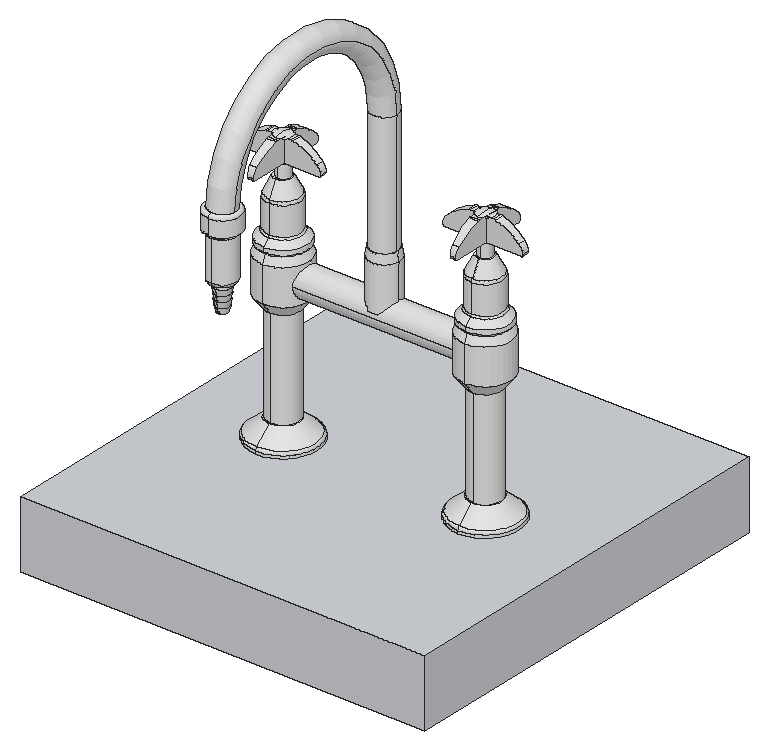
Revit family
Parameters (values of type "TL19SJ16C")
  WELSRating_ANZRS = "5 star"
  URL = "www.galvinengineering.com.au"
  Type Comments = "TL19"
  TubeNozzleVisibility = yes
  StyleOrType_ANZRS = "Plumbing Fixture"
  Seating = "Jumper Valve"
  PlumbingMaterial_ANZRS = Metal_Taps_DR-Brass-with-Chrome-Finish_10800
  Outlet = "XT Tube Nozzle with Integral Mini Dual Check Valve"
  ModifiedIssue_ANZRS = 20120305.01  # constant formula
  Model = "TL19SJ16C"
  Manufacturer = "Galvin Engineering"
  Keynote = "15400"
  Instructions = "http://www.galvinengineering.com.au/Installation_Guides_1.aspx"
  Inlet = "15mm Male"
  FlowRate = 0.10 L/s
  FilterObject_ANZRS = "TL19"
  Description = "Lab Hot & Cold Mixing Unit Type 19 Swivel Outlet"
  Default Elevation = 900 mm
  CreatedBy_ANZRS = "Galvin Engineering"
  CreatedByURL_ANZRS = "www.galvinengineering.com.au"
  CreatedByPhoneNo_ANZRS = "61-8-92495900"
  Circulation_ANZRS = yes
  Assembly Code = "D2010"
  AeratorVisibility = not(TubeNozzleVisibility)  # no
Types (3, lengths in mm): name | TubeNozzleVisibility | Outlet | Model | AeratorVisibility
  (no name) | yes | "XT Tube Nozzle with Integral Mini Dual Check Valve" | "TL19SJ16C" | no
  TL19SJ1C | no | "#1 Aerator" | "TL19SJ1C" | yes
  TL19SJ16C | yes | "XT Tube Nozzle with Integral Mini Dual Check Valve" | "TL19SJ16C" | no
Reference planes
  plane 1 "Center (Front/Back)": y = 0
  plane 2 "Face": z = 0
  plane 3 "Center (Left/Right)": x = 0
  plane 4 "Left": x = -75
  plane 5 "Right": x = 75
  plane 6 "ConnectorHostRight": z = 0
Forms (mm)
  Extrusion 1, solid
    sketch origin (0, -719.2, 0) x (1, 0, 0) y (0, 1, 0)
      loop
        line (-150, 869.2) -> (-150, 569.2) -> (150, 569.2) -> (150, 869.2) -> (-150, 869.2)
    from 0 to -50
  Revolve 2, solid, material "Metal_Taps_DR-Brass-with-Chrome-Finish_10800" <- "PlumbingMaterial_ANZRS"
    sketch origin (75, 0, 0) x (0, 1, 0) y (0, 0, 1)
      loop
        arc (0, 203.4) -> (-3.351, 203.107) -> (-6.6, 202.236) r 19.294
        line (-6.6, 202.236) -> (-1.168, 202.236) -> (-1.168, 183.836) -> (-4.73, 183.836) -> (-4.73, 174.4) -> (-6.5, 174.4) -> (-12.139, 163.485)
        arc (-12.139, 163.485) -> (-12.558, 162.365) -> (-12.7, 161.179) r 5.024
        line (-12.7, 161.179) -> (-12.7, 140.436)
        arc (-12.7, 140.436) -> (-12.89, 139.479) -> (-13.432, 138.668) r 2.5
        line (-13.432, 138.668) -> (-17.859, 134.15) -> (-17.859, 130.65)
        arc (-17.859, 130.65) -> (-17.114, 129.957) -> (-16.193, 129.521) r 3.334
        line (-16.193, 129.521) -> (-19.05, 123.4) -> (-19.05, 97) -> (-12.1, 88) -> (-11.112, 88) -> (-11.112, 14.3) -> (-12.2, 14.3) -> (-24.082, 4.295)
        arc (-24.082, 4.295) -> (-24.87, 3.266) -> (-25.15, 2) r 3
        line (-25.15, 2) -> (-25.15, 0) -> (0, 0) -> (0, 203.4)
      axis (0, 0) -> (0, 203.4)
    angle from 0 to 360
  Revolve 3, solid, material "Metal_Taps_DR-Brass-with-Chrome-Finish_10800" <- "PlumbingMaterial_ANZRS"
    sketch origin (75, 0, 0) x (0, 1, 0) y (0, 0, 1)
      loop
        arc (-29.903, 185.506) -> (-29.493, 184.386) -> (-28.398, 183.915) r 1.507
        line (-28.398, 183.915) -> (27.868, 183.915)
        arc (27.868, 183.915) -> (28.948, 184.37) -> (29.375, 185.462) r 1.507
        arc (29.375, 185.462) -> (28.723, 188.932) -> (26.793, 191.888) r 9.043
        arc (26.793, 191.888) -> (18.986, 198.09) -> (9.893, 202.18) r 40.19
        arc (9.893, 202.18) -> (9.163, 202.346) -> (8.417, 202.402) r 5.024
        line (8.417, 202.402) -> (-9.083, 202.402)
        arc (-9.083, 202.402) -> (-9.828, 202.347) -> (-10.556, 202.181) r 5.024
        arc (-10.556, 202.181) -> (-19.539, 198.165) -> (-27.277, 192.086) r 40.19
        arc (-27.277, 192.086) -> (-29.261, 189.064) -> (-29.903, 185.506) r 9.043
      axis (29.375, 160.152) -> (-29.903, 160.152)
    angle from -4.66 to 4.66
  Revolve 4, solid, material "Metal_Taps_DR-Brass-with-Chrome-Finish_10800" <- "PlumbingMaterial_ANZRS"
    sketch origin (0, 0, 0) x (1, 0, 0) y (0, 0, 1)
      loop
        arc (104.639, 185.506) -> (103.997, 189.064) -> (102.013, 192.086) r 9.043
        arc (102.013, 192.086) -> (94.275, 198.165) -> (85.292, 202.181) r 40.19
        arc (85.292, 202.181) -> (84.563, 202.347) -> (83.818, 202.402) r 5.024
        line (83.818, 202.402) -> (66.319, 202.402)
        arc (66.319, 202.402) -> (65.573, 202.346) -> (64.843, 202.18) r 5.024
        arc (64.843, 202.18) -> (55.75, 198.09) -> (47.943, 191.888) r 40.19
        arc (47.943, 191.888) -> (46.013, 188.932) -> (45.361, 185.462) r 9.043
        arc (45.361, 185.462) -> (45.788, 184.37) -> (46.868, 183.915) r 1.507
        line (46.868, 183.915) -> (103.134, 183.915)
        arc (103.134, 183.915) -> (104.229, 184.386) -> (104.639, 185.506) r 1.507
      axis (45.361, 160.152) -> (104.639, 160.152)
    angle from -4.66 to 4.66
  Revolve 5, solid, material "Metal_Taps_DR-Brass-with-Chrome-Finish_10800" <- "PlumbingMaterial_ANZRS", visible <- "AeratorVisibility"
    sketch origin (0, 0, 0) x (0, 1, 0) y (0, 0, 1)
      loop
        line (-149.993, 245) -> (-138.993, 245)
        arc (-138.993, 245) -> (-138.511, 246.719) -> (-138.393, 248.5) r 8.634
        line (-138.393, 248.5) -> (-138.393, 261.901) -> (-137.293, 261.901) -> (-137.293, 264.001)
        arc (-137.293, 264.001) -> (-138.026, 265.769) -> (-139.793, 266.501) r 2.5
        line (-139.793, 266.501) -> (-149.993, 266.501) -> (-149.993, 245)
      axis (-149.993, 266.501) -> (-149.993, 245)
    angle from 0 to 360
  Extrusion 6, solid, material "Metal_Taps_DR-Brass-with-Chrome-Finish_10800" <- "PlumbingMaterial_ANZRS"
    sketch origin (0, 0, 0) x (0, 1, 0) y (0, 0, 1)
      loop
        circle (0, 110.3) r 11.11
    from -75 to 75
  Revolve 7, solid, material "Metal_Taps_DR-Brass-with-Chrome-Finish_10800" <- "PlumbingMaterial_ANZRS"
    sketch origin (-75, 0, 0) x (0, 1, 0) y (0, 0, 1)
      loop
        arc (0, 203.4) -> (-3.351, 203.107) -> (-6.6, 202.236) r 19.294
        line (-6.6, 202.236) -> (-1.168, 202.236) -> (-1.168, 183.836) -> (-4.73, 183.836) -> (-4.73, 174.4) -> (-6.5, 174.4) -> (-12.139, 163.485)
        arc (-12.139, 163.485) -> (-12.558, 162.365) -> (-12.7, 161.179) r 5.024
        line (-12.7, 161.179) -> (-12.7, 140.436)
        arc (-12.7, 140.436) -> (-12.89, 139.479) -> (-13.432, 138.668) r 2.5
        line (-13.432, 138.668) -> (-17.859, 134.15) -> (-17.859, 130.65)
        arc (-17.859, 130.65) -> (-17.114, 129.957) -> (-16.193, 129.521) r 3.334
        line (-16.193, 129.521) -> (-19.05, 123.4) -> (-19.05, 97) -> (-12.1, 88) -> (-11.112, 88) -> (-11.112, 14.3) -> (-12.2, 14.3) -> (-24.082, 4.295)
        arc (-24.082, 4.295) -> (-24.87, 3.266) -> (-25.15, 2) r 3
        line (-25.15, 2) -> (-25.15, 0) -> (0, 0) -> (0, 203.4)
      axis (0, 0) -> (0, 203.4)
    angle from 0 to 360
  Revolve 8, solid, material "Metal_Taps_DR-Brass-with-Chrome-Finish_10800" <- "PlumbingMaterial_ANZRS"
    sketch origin (-75, 0, 0) x (0, 1, 0) y (0, 0, 1)
      loop
        arc (-29.903, 185.506) -> (-29.493, 184.386) -> (-28.398, 183.915) r 1.507
        line (-28.398, 183.915) -> (27.868, 183.915)
        arc (27.868, 183.915) -> (28.948, 184.37) -> (29.375, 185.462) r 1.507
        arc (29.375, 185.462) -> (28.723, 188.932) -> (26.793, 191.888) r 9.043
        arc (26.793, 191.888) -> (18.986, 198.09) -> (9.893, 202.18) r 40.19
        arc (9.893, 202.18) -> (9.163, 202.346) -> (8.417, 202.402) r 5.024
        line (8.417, 202.402) -> (-9.083, 202.402)
        arc (-9.083, 202.402) -> (-9.828, 202.347) -> (-10.556, 202.181) r 5.024
        arc (-10.556, 202.181) -> (-19.539, 198.165) -> (-27.277, 192.086) r 40.19
        arc (-27.277, 192.086) -> (-29.261, 189.064) -> (-29.903, 185.506) r 9.043
      axis (29.375, 160.152) -> (-29.903, 160.152)
    angle from -4.66 to 4.66
  Revolve 9, solid, material "Metal_Taps_DR-Brass-with-Chrome-Finish_10800" <- "PlumbingMaterial_ANZRS"
    sketch origin (0, 0, 0) x (1, 0, 0) y (0, 0, 1)
      loop
        arc (-104.639, 185.506) -> (-104.229, 184.386) -> (-103.134, 183.915) r 1.507
        line (-103.134, 183.915) -> (-46.868, 183.915)
        arc (-46.868, 183.915) -> (-45.788, 184.37) -> (-45.361, 185.462) r 1.507
        arc (-45.361, 185.462) -> (-46.013, 188.932) -> (-47.943, 191.888) r 9.043
        arc (-47.943, 191.888) -> (-55.75, 198.09) -> (-64.843, 202.18) r 40.19
        arc (-64.843, 202.18) -> (-65.573, 202.346) -> (-66.319, 202.402) r 5.024
        line (-66.319, 202.402) -> (-83.818, 202.402)
        arc (-83.818, 202.402) -> (-84.563, 202.347) -> (-85.292, 202.181) r 5.024
        arc (-85.292, 202.181) -> (-94.275, 198.165) -> (-102.013, 192.086) r 40.19
        arc (-102.013, 192.086) -> (-103.997, 189.064) -> (-104.639, 185.506) r 9.043
      axis (-45.361, 160.152) -> (-104.639, 160.152)
    angle from -4.66 to 4.66
  Sweep 10, solid, material "Metal_Taps_DR-Brass-with-Chrome-Finish_10800" <- "PlumbingMaterial_ANZRS", visible <- "AeratorVisibility"
    path origin (0, 0, 0) x (0, 1, 0) y (0, 0, 1)
      loop
        arc (-149.993, 265.476) -> (-74.99, 340.479) -> (0.013, 265.476) r 75.003
        line (0.013, 265.476) -> (0.013, 153.83)
    profile origin (0, 0.013, 209.653) x (1, 0, 0) y (0, 1, 0)
      loop
        circle (0, 0) r 9.55
  Revolve 11, solid, material "Metal_Taps_DR-Brass-with-Chrome-Finish_10800" <- "PlumbingMaterial_ANZRS"
    sketch origin (0, 0, 0) x (1, 0, 0) y (0, 0, 1)
      loop
        line (-0.013, 153.83) -> (-10.313, 153.83) -> (-11.126, 147.228) -> (-11.126, 113.894) -> (-0.013, 113.894) -> (-0.013, 153.83)
      axis (-0.013, 153.83) -> (-0.013, 113.894)
    angle from 0 to 360
  Sweep 12, solid, material "Metal_Taps_DR-Brass-with-Chrome-Finish_10800" <- "PlumbingMaterial_ANZRS", visible <- "TubeNozzleVisibility"
    path origin (0, 0, 0) x (0, 1, 0) y (0, 0, 1)
      loop
        arc (-150.12, 244.307) -> (-75.054, 319.373) -> (0.013, 244.307) r 75.066
        line (0.013, 244.307) -> (0.013, 153.83)
    profile origin (0, 0.013, 199.068) x (1, 0, 0) y (0, 1, 0)
      loop
        circle (0, 0) r 9.55
  Revolve 13, solid, material "Metal_Taps_DR-Brass-with-Chrome-Finish_10800" <- "PlumbingMaterial_ANZRS", visible <- "TubeNozzleVisibility"
    sketch origin (0, 0, 0) x (0, 1, 0) y (0, 0, 1)
      loop
        line (-162.879, 231.832) -> (-162.054, 231.832) -> (-160.388, 230.106)
        arc (-160.388, 230.106) -> (-160.076, 229.626) -> (-159.967, 229.064) r 1.5
        line (-159.967, 229.064) -> (-159.967, 198.732)
        arc (-159.967, 198.732) -> (-159.381, 197.317) -> (-157.967, 196.732) r 2
        line (-157.967, 196.732) -> (-155.669, 196.732) -> (-155.669, 193.232) -> (-156.469, 193.232) -> (-155.173, 188.932) -> (-155.969, 188.932) -> (-154.719, 184.632) -> (-155.519, 184.632) -> (-154.188, 180.332) -> (-154.969, 180.332) -> (-153.849, 176.477)
        arc (-153.849, 176.477) -> (-153.626, 176.155) -> (-153.255, 176.032) r 0.618
        line (-153.255, 176.032) -> (-150.12, 176.032) -> (-150.12, 245.875) -> (-160.367, 245.875)
        arc (-160.367, 245.875) -> (-162.143, 245.14) -> (-162.879, 243.363) r 2.512
        line (-162.879, 243.363) -> (-162.879, 231.832)
      axis (-150.12, 176.032) -> (-150.12, 245.875)
    angle from 0 to 360
Cuts and joins
  joined: Revolve 2, Extrusion 6, Revolve 7, Revolve 11
Lines and regions (mm)
  symbolic lines, style "Taps/Mixers"
    curve 1: line (-62.074, -11.1, 0) -> (-9.5, -11.1, 0)
    curve 2: line (-9.5, 1.6, 0) -> (-9.5, -149.835, 0)
    curve 3: line (9.5, -149.835, 0) -> (9.5, 1.6, 0)
    curve 4: arc (-9.5, 1.6, 0) -> (0, 11.1, 0) -> (9.5, 1.6, 0) r 9.5
    curve 5: line (62.074, 11.1, 0) -> (-62.074, 11.1, 0)
    curve 6: arc (-9.5, -6.915, 0) -> (0, 11.75, 0) -> (9.5, -6.915, 0) r 11.75
    curve 7: arc (-100.161, -2.369, 0) -> (-92.87, -17.87, 0) -> (-77.369, -25.161, 0) r 25.272
    curve 8: circle (-75, 0, 0) r 6.6 normal (0, 0, 1)
    curve 9: line (-104.639, 2.056, 0) -> (-80.432, 3.749, 0)
    curve 10: line (-104.639, -2.056, 0) -> (-80.432, -3.749, 0)
    curve 11: line (-104.639, -2.056, 0) -> (-104.639, 2.056, 0)
    curve 12: line (-45.361, 2.056, 0) -> (-69.568, 3.749, 0)
    curve 13: line (-45.361, -2.056, 0) -> (-69.568, -3.749, 0)
    curve 14: line (-45.361, -2.056, 0) -> (-45.361, 2.056, 0)
    curve 15: line (-77.056, -29.639, 0) -> (-78.749, -5.432, 0)
    curve 16: line (-72.944, -29.639, 0) -> (-71.251, -5.432, 0)
    curve 17: line (-72.944, -29.639, 0) -> (-77.056, -29.639, 0)
    curve 18: line (-77.056, 29.639, 0) -> (-78.749, 5.432, 0)
    curve 19: line (-72.944, 29.639, 0) -> (-71.251, 5.432, 0)
    curve 20: line (-72.944, 29.639, 0) -> (-77.056, 29.639, 0)
    curve 21: arc (-91.779, -2.955, 0) -> (-87.047, -12.047, 0) -> (-77.955, -16.779, 0) r 17.038
    curve 22: arc (-72.045, -16.779, 0) -> (-62.953, -12.047, 0) -> (-58.221, -2.955, 0) r 17.038
    curve 23: arc (-58.221, 2.955, 0) -> (-62.953, 12.047, 0) -> (-72.045, 16.779, 0) r 17.038
    curve 24: arc (-77.955, 16.779, 0) -> (-87.047, 12.047, 0) -> (-91.779, 2.955, 0) r 17.038
    curve 25: arc (-77.369, 25.161, 0) -> (-92.87, 17.87, 0) -> (-100.161, 2.369, 0) r 25.272
    curve 26: arc (-72.631, -25.161, 0) -> (-60.627, -20.787, 0) -> (-52.296, -11.1, 0) r 25.272
    curve 27: arc (-52.296, 11.1, 0) -> (-60.627, 20.787, 0) -> (-72.631, 25.161, 0) r 25.272
    curve 28: arc (-9.5, -149.835, 0) -> (0, -159.335, 0) -> (9.5, -149.835, 0) r 9.5
    curve 29: arc (9.5, -141.565, 0) -> (0, -162.693, 0) -> (-9.5, -141.565, 0) r 12.7
    curve 30: arc (100.161, -2.369, 0) -> (92.87, -17.87, 0) -> (77.369, -25.161, 0) r 25.272
    curve 31: circle (75, 0, 0) r 6.6 normal (0, 0, -1)
    curve 32: line (104.639, 2.056, 0) -> (80.432, 3.749, 0)
    curve 33: line (104.639, -2.056, 0) -> (80.432, -3.749, 0)
    curve 34: line (104.639, -2.056, 0) -> (104.639, 2.056, 0)
    curve 35: line (45.361, 2.056, 0) -> (69.568, 3.749, 0)
    curve 36: line (45.361, -2.056, 0) -> (69.568, -3.749, 0)
    curve 37: line (45.361, -2.056, 0) -> (45.361, 2.056, 0)
    curve 38: line (77.056, -29.639, 0) -> (78.749, -5.432, 0)
    curve 39: line (72.944, -29.639, 0) -> (71.251, -5.432, 0)
    curve 40: line (72.944, -29.639, 0) -> (77.056, -29.639, 0)
    curve 41: line (77.056, 29.639, 0) -> (78.749, 5.432, 0)
    curve 42: line (72.944, 29.639, 0) -> (71.251, 5.432, 0)
    curve 43: line (72.944, 29.639, 0) -> (77.056, 29.639, 0)
    curve 44: arc (91.779, -2.955, 0) -> (87.047, -12.047, 0) -> (77.955, -16.779, 0) r 17.038
    curve 45: arc (72.045, -16.779, 0) -> (62.953, -12.047, 0) -> (58.221, -2.955, 0) r 17.038
    curve 46: arc (58.221, 2.955, 0) -> (62.953, 12.047, 0) -> (72.045, 16.779, 0) r 17.038
    curve 47: arc (77.955, 16.779, 0) -> (87.047, 12.047, 0) -> (91.779, 2.955, 0) r 17.038
    curve 48: arc (77.369, 25.161, 0) -> (92.87, 17.87, 0) -> (100.161, 2.369, 0) r 25.272
    curve 49: arc (72.631, -25.161, 0) -> (60.627, -20.787, 0) -> (52.296, -11.1, 0) r 25.272
    curve 50: arc (52.296, 11.1, 0) -> (60.627, 20.787, 0) -> (72.631, 25.161, 0) r 25.272
    curve 51: line (62.074, -11.1, 0) -> (9.5, -11.1, 0)
    curve 52: arc (-87.268, 0, 163.428) -> (-87.686, 0, 162.308) -> (-87.828, 0, 161.122) r 5.024
    curve 53: arc (-62.308, 0, 161.122) -> (-62.45, 0, 162.308) -> (-62.868, 0, 163.428) r 5.024
    curve 54: line (-62.868, 0, 163.428) -> (-68.537, 0, 174.4)
    curve 55: line (-68.537, 0, 174.4) -> (-81.599, 0, 174.4)
    curve 56: line (-81.599, 0, 174.4) -> (-87.268, 0, 163.428)
    curve 57: line (-87.828, 0, 139.493) -> (-87.828, 0, 161.122)
    curve 58: line (-87.828, 0, 161.122) -> (-62.308, 0, 161.122)
    curve 59: line (-62.308, 0, 161.122) -> (-62.308, 0, 139.493)
    curve 60: line (-79.82, 0, 174.4) -> (-79.82, 0, 183.836)
    curve 61: line (-70.315, 0, 174.4) -> (-70.315, 0, 183.836)
    curve 62: arc (-68.437, 0, 202.324) -> (-75.068, 0, 203.493) -> (-81.699, 0, 202.324) r 19.386
    curve 63: arc (-85.291, 0, 202.103) -> (-94.274, 0, 198.086) -> (-102.012, 0, 192.007) r 40.19
    curve 64: arc (-102.012, 0, 192.007) -> (-104.048, 0, 188.853) -> (-104.627, 0, 185.143) r 9.043
    curve 65: arc (-104.627, 0, 185.143) -> (-104.126, 0, 184.209) -> (-103.133, 0, 183.836) r 1.507
    curve 66: arc (-83.817, 0, 202.324) -> (-84.563, 0, 202.268) -> (-85.291, 0, 202.103) r 5.024
    curve 67: arc (-78.397, 0, 200.029) -> (-78.917, 0, 201.166) -> (-79.921, 0, 201.912) r 2.512
    curve 68: arc (-79.921, 0, 201.912) -> (-80.95, 0, 202.22) -> (-82.02, 0, 202.324) r 5.554
    curve 69: arc (-47.942, 0, 191.809) -> (-55.749, 0, 198.012) -> (-64.842, 0, 202.102) r 40.19
    curve 70: arc (-45.36, 0, 185.383) -> (-46.012, 0, 188.853) -> (-47.942, 0, 191.809) r 9.043
    curve 71: arc (-46.867, 0, 183.836) -> (-45.787, 0, 184.292) -> (-45.36, 0, 185.383) r 1.507
    curve 72: arc (-64.842, 0, 202.102) -> (-65.572, 0, 202.268) -> (-66.318, 0, 202.324) r 5.024
    curve 73: arc (-70.037, 0, 201.981) -> (-71.086, 0, 201.246) -> (-71.636, 0, 200.09) r 2.512
    curve 74: arc (-68.116, 0, 202.324) -> (-69.091, 0, 202.237) -> (-70.037, 0, 201.981) r 5.554
    curve 75: line (-83.817, 0, 202.324) -> (-66.318, 0, 202.324)
    curve 76: line (-103.133, 0, 183.836) -> (-46.867, 0, 183.836)
    curve 77: line (-77.077, 0, 183.836) -> (-78.397, 0, 200.029)
    curve 78: line (-73.058, 0, 183.836) -> (-71.636, 0, 200.09)
    curve 79: arc (-99.096, 0, 4.295) -> (-99.883, 0, 3.266) -> (-100.163, 0, 2) r 3
    curve 80: arc (-49.863, 0, 2) -> (-50.143, 0, 3.266) -> (-50.931, 0, 4.295) r 3
    curve 81: line (-86.126, 0, 14.3) -> (-86.126, 0, 88)
    curve 82: line (-63.901, 0, 14.3) -> (-63.901, 0, 88)
    curve 83: line (-62.813, 0, 14.3) -> (-50.931, 0, 4.295)
    curve 84: line (-49.863, 0, 2) -> (-100.163, 0, 2)
    curve 85: line (-100.163, 0, 0) -> (-100.163, 0, 2)
    curve 86: line (-87.213, 0, 14.3) -> (-62.813, 0, 14.3)
    curve 87: line (-87.213, 0, 14.3) -> (-99.096, 0, 4.295)
    curve 88: line (-49.863, 0, 2) -> (-49.863, 0, 0)
    curve 89: line (-49.863, 0, 0) -> (-100.163, 0, 0)
    curve 90: arc (-75.068, 0, 134.144) -> (-81.412, 0, 135.43) -> (-87.756, 0, 134.144) r 16.296
    curve 91: arc (-87.756, 0, 130.627) -> (-81.412, 0, 129.342) -> (-75.068, 0, 130.627) r 16.296
    curve 92: arc (-88.564, 0, 138.683) -> (-88.019, 0, 139.498) -> (-87.828, 0, 140.459) r 2.512
    curve 93: arc (-93.012, 0, 130.627) -> (-90.384, 0, 129.355) -> (-87.756, 0, 130.627) r 3.35
    curve 94: arc (-87.756, 0, 134.144) -> (-90.384, 0, 135.417) -> (-93.012, 0, 134.144) r 3.35
    curve 95: arc (-62.308, 0, 140.459) -> (-62.116, 0, 139.498) -> (-61.572, 0, 138.683) r 2.512
    curve 96: arc (-75.068, 0, 130.627) -> (-68.724, 0, 129.342) -> (-62.379, 0, 130.627) r 16.296
    curve 97: arc (-62.379, 0, 134.144) -> (-68.724, 0, 135.43) -> (-75.068, 0, 134.144) r 16.296
    curve 98: arc (-57.124, 0, 134.144) -> (-59.751, 0, 135.417) -> (-62.379, 0, 134.144) r 3.35
    curve 99: arc (-62.379, 0, 130.627) -> (-59.751, 0, 129.355) -> (-57.124, 0, 130.627) r 3.35
    curve 100: line (-90.051, 0, 135.4) -> (-59.418, 0, 135.4)
    curve 101: line (-87.756, 0, 130.627) -> (-87.756, 0, 134.144)
    curve 102: line (-93.012, 0, 130.627) -> (-93.012, 0, 134.144)
    curve 103: line (-93.012, 0, 134.144) -> (-88.564, 0, 138.683)
    curve 104: line (-90.717, 0, 129.371) -> (-59.418, 0, 129.371)
    curve 105: line (-75.068, 0, 130.627) -> (-75.068, 0, 134.144)
    curve 106: line (-57.124, 0, 130.627) -> (-57.124, 0, 134.144)
    curve 107: line (-57.124, 0, 134.144) -> (-61.572, 0, 138.683)
    curve 108: line (-62.379, 0, 130.627) -> (-62.379, 0, 134.144)
    curve 109: line (-94.063, 0, 123.4) -> (-91.233, 0, 129.464)
    curve 110: line (-58.806, 0, 129.491) -> (-55.963, 0, 123.4)
    curve 111: line (-55.963, 0, 123.4) -> (-94.063, 0, 123.4)
    curve 112: arc (-55.963, 0, 121.45) -> (-59.557, 0, 110.3) -> (-55.963, 0, 99.15) r 19.095
    curve 113: line (-55.963, 0, 123.4) -> (-55.963, 0, 121.45)
    curve 114: line (-55.963, 0, 99.15) -> (-55.963, 0, 97)
    curve 115: line (-94.063, 0, 97) -> (-55.963, 0, 97)
    curve 116: line (-55.963, 0, 97) -> (-62.913, 0, 88)
    curve 117: line (-62.913, 0, 88) -> (-87.113, 0, 88)
    curve 118: line (-87.113, 0, 88) -> (-94.063, 0, 97)
    curve 119: line (-94.063, 0, 97) -> (-94.063, 0, 123.4)
    curve 131: arc (87.268, 0, 163.428) -> (87.686, 0, 162.308) -> (87.828, 0, 161.122) r 5.024
    curve 132: arc (62.308, 0, 161.122) -> (62.45, 0, 162.308) -> (62.868, 0, 163.428) r 5.024
    curve 133: line (62.868, 0, 163.428) -> (68.537, 0, 174.4)
    curve 134: line (68.537, 0, 174.4) -> (81.599, 0, 174.4)
    curve 135: line (81.599, 0, 174.4) -> (87.268, 0, 163.428)
    curve 136: line (87.828, 0, 139.493) -> (87.828, 0, 161.122)
    curve 137: line (87.828, 0, 161.122) -> (62.308, 0, 161.122)
    curve 138: line (62.308, 0, 161.122) -> (62.308, 0, 139.493)
    curve 139: line (79.82, 0, 174.4) -> (79.82, 0, 183.836)
    curve 140: line (70.315, 0, 174.4) -> (70.315, 0, 183.836)
    curve 141: arc (68.437, 0, 202.324) -> (75.068, 0, 203.493) -> (81.699, 0, 202.324) r 19.386
    curve 142: arc (85.291, 0, 202.103) -> (94.274, 0, 198.086) -> (102.012, 0, 192.007) r 40.19
    curve 143: arc (102.012, 0, 192.007) -> (104.048, 0, 188.853) -> (104.627, 0, 185.143) r 9.043
    curve 144: arc (104.627, 0, 185.143) -> (104.126, 0, 184.209) -> (103.133, 0, 183.836) r 1.507
    curve 145: arc (83.817, 0, 202.324) -> (84.563, 0, 202.268) -> (85.291, 0, 202.103) r 5.024
    curve 146: arc (78.397, 0, 200.029) -> (78.917, 0, 201.166) -> (79.921, 0, 201.912) r 2.512
    curve 147: arc (79.921, 0, 201.912) -> (80.95, 0, 202.22) -> (82.02, 0, 202.324) r 5.554
    curve 148: arc (47.942, 0, 191.809) -> (55.749, 0, 198.012) -> (64.842, 0, 202.102) r 40.19
    curve 149: arc (45.36, 0, 185.383) -> (46.012, 0, 188.853) -> (47.942, 0, 191.809) r 9.043
    curve 150: arc (46.867, 0, 183.836) -> (45.787, 0, 184.292) -> (45.36, 0, 185.383) r 1.507
    curve 151: arc (64.842, 0, 202.102) -> (65.572, 0, 202.268) -> (66.318, 0, 202.324) r 5.024
    curve 152: arc (70.037, 0, 201.981) -> (71.086, 0, 201.246) -> (71.636, 0, 200.09) r 2.512
    curve 153: arc (68.116, 0, 202.324) -> (69.091, 0, 202.237) -> (70.037, 0, 201.981) r 5.554
    curve 154: line (83.817, 0, 202.324) -> (66.318, 0, 202.324)
    curve 155: line (103.133, 0, 183.836) -> (46.867, 0, 183.836)
    curve 156: line (77.077, 0, 183.836) -> (78.397, 0, 200.029)
    curve 157: line (73.058, 0, 183.836) -> (71.636, 0, 200.09)
    curve 158: arc (99.096, 0, 4.295) -> (99.883, 0, 3.266) -> (100.163, 0, 2) r 3
    curve 159: arc (49.863, 0, 2) -> (50.143, 0, 3.266) -> (50.931, 0, 4.295) r 3
    curve 160: line (86.126, 0, 14.3) -> (86.126, 0, 88)
    curve 161: line (63.901, 0, 14.3) -> (63.901, 0, 88)
    curve 162: line (62.813, 0, 14.3) -> (50.931, 0, 4.295)
    curve 163: line (49.863, 0, 2) -> (100.163, 0, 2)
    curve 164: line (100.163, 0, 0) -> (100.163, 0, 2)
    curve 165: line (87.213, 0, 14.3) -> (62.813, 0, 14.3)
    curve 166: line (87.213, 0, 14.3) -> (99.096, 0, 4.295)
    curve 167: line (49.863, 0, 2) -> (49.863, 0, 0)
    curve 168: line (49.863, 0, 0) -> (100.163, 0, 0)
    curve 169: arc (75.068, 0, 134.144) -> (81.412, 0, 135.43) -> (87.756, 0, 134.144) r 16.296
    curve 170: arc (87.756, 0, 130.627) -> (81.412, 0, 129.342) -> (75.068, 0, 130.627) r 16.296
    curve 171: arc (88.564, 0, 138.683) -> (88.019, 0, 139.498) -> (87.828, 0, 140.459) r 2.512
    curve 172: arc (93.012, 0, 130.627) -> (90.384, 0, 129.355) -> (87.756, 0, 130.627) r 3.35
    curve 173: arc (87.756, 0, 134.144) -> (90.384, 0, 135.417) -> (93.012, 0, 134.144) r 3.35
    curve 174: arc (62.308, 0, 140.459) -> (62.116, 0, 139.498) -> (61.572, 0, 138.683) r 2.512
    curve 175: arc (75.068, 0, 130.627) -> (68.724, 0, 129.342) -> (62.379, 0, 130.627) r 16.296
    curve 176: arc (62.379, 0, 134.144) -> (68.724, 0, 135.43) -> (75.068, 0, 134.144) r 16.296
    curve 177: arc (57.124, 0, 134.144) -> (59.751, 0, 135.417) -> (62.379, 0, 134.144) r 3.35
    curve 178: arc (62.379, 0, 130.627) -> (59.751, 0, 129.355) -> (57.124, 0, 130.627) r 3.35
    curve 179: line (90.051, 0, 135.4) -> (59.418, 0, 135.4)
    curve 180: line (87.756, 0, 130.627) -> (87.756, 0, 134.144)
    curve 181: line (93.012, 0, 130.627) -> (93.012, 0, 134.144)
    curve 182: line (93.012, 0, 134.144) -> (88.564, 0, 138.683)
    curve 183: line (90.717, 0, 129.371) -> (59.418, 0, 129.371)
    curve 184: line (75.068, 0, 130.627) -> (75.068, 0, 134.144)
    curve 185: line (57.124, 0, 130.627) -> (57.124, 0, 134.144)
    curve 186: line (57.124, 0, 134.144) -> (61.572, 0, 138.683)
    curve 187: line (62.379, 0, 130.627) -> (62.379, 0, 134.144)
    curve 188: line (94.063, 0, 123.4) -> (91.233, 0, 129.464)
    curve 189: line (58.806, 0, 129.491) -> (55.963, 0, 123.4)
    curve 190: line (55.963, 0, 123.4) -> (94.063, 0, 123.4)
    curve 191: arc (55.963, 0, 121.45) -> (59.557, 0, 110.3) -> (55.963, 0, 99.15) r 19.095
    curve 192: line (55.963, 0, 123.4) -> (55.963, 0, 121.45)
    curve 193: line (55.963, 0, 99.15) -> (55.963, 0, 97)
    curve 194: line (94.063, 0, 97) -> (55.963, 0, 97)
    curve 195: line (55.963, 0, 97) -> (62.913, 0, 88)
    curve 196: line (62.913, 0, 88) -> (87.113, 0, 88)
    curve 197: line (87.113, 0, 88) -> (94.063, 0, 97)
    curve 198: line (94.063, 0, 97) -> (94.063, 0, 123.4)
    curve 199: line (9.512, 0, 266.522) -> (9.512, 0, 320.475)
    curve 202: line (-9.538, 0, 153.83) -> (-9.538, 0, 197.493)
    curve 204: line (10.287, 0, 153.83) -> (-10.313, 0, 153.83)
    curve 205: line (-11.126, 0, 121.428) -> (-11.126, 0, 147.228)
    curve 206: line (11.099, 0, 147.228) -> (11.099, 0, 121.428)
    curve 207: line (11.099, 0, 147.228) -> (10.287, 0, 153.83)
    curve 208: line (-10.313, 0, 153.83) -> (-11.126, 0, 147.228)
    curve 209: line (55.99, 0, 99.188) -> (-55.963, 0, 99.15)
    curve 210: arc (-1.364, 0, 114.8) -> (-5.404, 0, 119.353) -> (-11.126, 0, 121.428) r 12.373
    curve 211: arc (11.099, 0, 121.428) -> (5.377, 0, 119.353) -> (1.337, 0, 114.8) r 12.373
    curve 212: line (1.337, 0, 114.8) -> (-1.364, 0, 114.8)
    curve 213: line (-55.963, 0, 121.45) -> (-10.976, 0, 121.413)
    curve 214: line (10.949, 0, 121.413) -> (55.937, 0, 121.45)
    curve 215: arc (0, -24.082, 4.295) -> (0, -24.87, 3.266) -> (0, -25.15, 2) r 3
    curve 216: arc (0, 25.15, 2) -> (0, 24.87, 3.266) -> (0, 24.082, 4.295) r 3
    curve 217: line (0, -11.112, 14.3) -> (0, -11.112, 88)
    curve 218: line (0, 11.113, 14.3) -> (0, 11.113, 88)
    curve 219: line (0, 12.2, 14.3) -> (0, -12.2, 14.3)
    curve 220: line (0, 25.15, 2) -> (0, -25.15, 2)
    curve 221: line (0, -25.15, 0) -> (0, -25.15, 2)
    curve 222: line (0, -12.2, 14.3) -> (0, -24.082, 4.295)
    curve 223: line (0, 12.2, 14.3) -> (0, 24.082, 4.295)
    curve 224: line (0, 25.15, 2) -> (0, 25.15, 0)
    curve 225: line (0, 25.15, 0) -> (0, -25.15, 0)
    curve 226: arc (0, -12.142, 163.48) -> (0, -12.559, 162.366) -> (0, -12.7, 161.185) r 5
    curve 227: arc (0, 12.7, 161.185) -> (0, 12.559, 162.366) -> (0, 12.142, 163.48) r 5
    curve 228: line (0, 12.142, 163.48) -> (0, 6.5, 174.4)
    curve 229: line (0, 6.5, 174.4) -> (0, -6.5, 174.4)
    curve 230: line (0, -6.5, 174.4) -> (0, -12.142, 163.48)
    curve 231: line (0, -12.7, 140.436) -> (0, -12.7, 161.185)
    curve 232: line (0, -12.7, 161.185) -> (0, 12.7, 161.185)
    curve 233: line (0, 12.7, 161.185) -> (0, 12.7, 140.436)
    curve 234: line (0, -4.73, 174.4) -> (0, -4.73, 183.836)
    curve 235: line (0, 4.73, 174.4) -> (0, 4.73, 183.836)
    curve 236: arc (0, 6.6, 202.236) -> (0, 0, 203.4) -> (0, -6.6, 202.236) r 19.294
    curve 237: arc (0, -10.223, 202.015) -> (0, -19.206, 197.999) -> (0, -26.944, 191.92) r 40.19
    curve 238: arc (0, -26.944, 191.92) -> (0, -28.953, 188.834) -> (0, -29.566, 185.203) r 9.043
    curve 239: arc (0, -29.566, 185.203) -> (0, -29.08, 184.229) -> (0, -28.065, 183.836) r 1.507
    curve 240: arc (0, -8.75, 202.236) -> (0, -9.495, 202.181) -> (0, -10.223, 202.015) r 5.024
    curve 241: arc (0, -3.33, 200.029) -> (0, -3.849, 201.166) -> (0, -4.853, 201.912) r 2.512
    curve 242: arc (0, -4.853, 201.912) -> (0, -5.403, 202.103) -> (0, -5.97, 202.236) r 5.554
    curve 243: arc (0, 27.126, 191.722) -> (0, 19.319, 197.924) -> (0, 10.226, 202.014) r 40.19
    curve 244: arc (0, 29.708, 185.308) -> (0, 29.054, 188.771) -> (0, 27.126, 191.722) r 9.043
    curve 245: arc (0, 28.201, 183.836) -> (0, 29.254, 184.265) -> (0, 29.708, 185.308) r 1.507
    curve 246: arc (0, 10.226, 202.014) -> (0, 9.496, 202.18) -> (0, 8.75, 202.236) r 5.024
    curve 247: arc (0, 5.031, 201.981) -> (0, 3.982, 201.246) -> (0, 3.432, 200.09) r 2.512
    curve 248: arc (0, 7.934, 202.236) -> (0, 6.465, 202.302) -> (0, 5.031, 201.981) r 5.554
    curve 249: line (0, -9.525, 202.236) -> (0, 9.525, 202.236)
    curve 250: line (0, -28.065, 183.836) -> (0, 28.201, 183.836)
    curve 251: line (0, -2.01, 183.836) -> (0, -3.33, 200.029)
    curve 252: line (0, 2.01, 183.836) -> (0, 3.432, 200.09)
    curve 253: arc (0, 0, 134.15) -> (0, -6.314, 135.43) -> (0, -12.629, 134.15) r 16.219
    curve 254: arc (0, -12.629, 130.65) -> (0, -6.314, 129.37) -> (0, 0, 130.65) r 16.219
    curve 255: arc (0, -13.432, 138.668) -> (0, -12.89, 139.479) -> (0, -12.7, 140.436) r 2.5
    curve 256: arc (0, -17.859, 130.65) -> (0, -15.244, 129.383) -> (0, -12.629, 130.65) r 3.334
    curve 257: arc (0, -12.629, 134.15) -> (0, -15.244, 135.417) -> (0, -17.859, 134.15) r 3.334
    curve 258: arc (0, 12.7, 140.436) -> (0, 12.89, 139.479) -> (0, 13.432, 138.668) r 2.5
    curve 259: arc (0, 0, 130.65) -> (0, 6.314, 129.37) -> (0, 12.629, 130.65) r 16.219
    curve 260: arc (0, 12.629, 134.15) -> (0, 6.314, 135.43) -> (0, 0, 134.15) r 16.219
    curve 261: arc (0, 17.859, 134.15) -> (0, 15.244, 135.417) -> (0, 12.629, 134.15) r 3.334
    curve 262: arc (0, 12.629, 130.65) -> (0, 15.244, 129.383) -> (0, 17.859, 130.65) r 3.334
    curve 263: line (0, -14.983, 135.4) -> (0, 15.188, 135.4)
    curve 264: line (0, -12.629, 130.65) -> (0, -12.629, 134.15)
    curve 265: line (0, -17.859, 130.65) -> (0, -17.859, 134.15)
    curve 266: line (0, -17.859, 134.15) -> (0, -13.432, 138.668)
    curve 267: line (0, -15.575, 129.4) -> (0, 16.294, 129.4)
    curve 268: line (0, 0, 130.65) -> (0, 0, 134.15)
    curve 269: line (0, 17.859, 130.65) -> (0, 17.859, 134.15)
    curve 270: line (0, 17.859, 134.15) -> (0, 13.432, 138.668)
    curve 271: line (0, 12.629, 130.65) -> (0, 12.629, 134.15)
    curve 272: line (0, -19.05, 123.4) -> (0, -16.25, 129.4)
    curve 273: line (0, -19.05, 123.4) -> (0, 19.05, 123.4)
    curve 274: line (0, 16.25, 129.4) -> (0, 19.05, 123.4)
    curve 275: line (0, -19.05, 97) -> (0, -19.05, 123.4)
    curve 276: line (0, 19.05, 97) -> (0, -19.05, 97)
    curve 277: line (0, 19.05, 123.4) -> (0, 19.05, 97)
    curve 278: line (0, -12.1, 88) -> (0, -19.05, 97)
    curve 279: line (0, 12.1, 88) -> (0, -12.1, 88)
    curve 280: line (0, 19.05, 97) -> (0, 12.1, 88)
    curve 281: line (0, -9.525, 183.836) -> (0, -9.525, 168.544)
    curve 282: line (0, 9.525, 183.836) -> (0, 9.525, 168.546)
    curve 367: line (9.512, 0, 197.384) -> (9.512, 0, 153.83)
    curve 369: line (-9.538, 0, 320.475) -> (-9.538, 0, 266.522)
  symbolic lines, style "Taps/Mixers", visible <- "AeratorVisibility"
    curve 120: arc (11.04, 0, 244.998) -> (11.524, 0, 246.725) -> (11.642, 0, 248.515) r 8.675
    curve 121: arc (-11.668, 0, 248.515) -> (-11.549, 0, 246.725) -> (-11.065, 0, 244.998) r 8.675
    curve 122: line (11.642, 0, 261.9) -> (11.642, 0, 248.515)
    curve 123: line (-11.065, 0, 244.998) -> (11.04, 0, 244.998)
    curve 124: line (-11.668, 0, 248.515) -> (-11.668, 0, 261.9)
    curve 125: arc (-10.261, 0, 266.522) -> (-12.037, 0, 265.786) -> (-12.773, 0, 264.01) r 2.512
    curve 126: arc (12.748, 0, 264.01) -> (12.012, 0, 265.786) -> (10.236, 0, 266.522) r 2.512
    curve 127: line (10.236, 0, 266.522) -> (-10.261, 0, 266.522)
    curve 128: line (12.748, 0, 264.01) -> (12.748, 0, 261.9)
    curve 129: line (-12.773, 0, 261.9) -> (-12.773, 0, 264.01)
    curve 130: line (-12.773, 0, 261.9) -> (12.748, 0, 261.9)
    curve 200: arc (9.512, 0, 340.475) -> (-0.013, 0, 350) -> (-9.538, 0, 340.475) r 9.525
    curve 201: line (-9.538, 0, 340.475) -> (-9.538, 0, 320.475)
    curve 203: line (9.512, 0, 244.998) -> (9.512, 0, 197.384)
    curve 283: line (0, -9.525, 265.476) -> (0, -9.525, 202.176)
    curve 284: line (0, 9.525, 265.476) -> (0, 9.525, 202.176)
    curve 285: arc (0, -9.525, 265.476) -> (0, -74.488, 330.949) -> (0, -140.467, 266.501) r 65.475
    curve 286: arc (0, 9.525, 265.476) -> (0, -74.488, 350) -> (0, -159.519, 266.501) r 84.525
    curve 287: line (0, -160.993, 245) -> (0, -138.993, 245)
    curve 288: arc (0, -138.993, 245) -> (0, -138.511, 246.719) -> (0, -138.393, 248.5) r 8.634
    curve 289: line (0, -138.393, 248.5) -> (0, -138.393, 261.901)
    curve 290: line (0, -137.293, 261.901) -> (0, -162.693, 261.901)
    curve 291: line (0, -161.593, 261.901) -> (0, -161.593, 248.5)
    curve 292: arc (0, -161.593, 248.5) -> (0, -161.475, 246.719) -> (0, -160.993, 245) r 8.634
    curve 293: line (0, -162.693, 261.901) -> (0, -162.693, 264.001)
    curve 294: arc (0, -160.193, 266.501) -> (0, -161.961, 265.769) -> (0, -162.693, 264.001) r 2.5
    curve 295: line (0, -139.793, 266.501) -> (0, -160.193, 266.501)
    curve 296: arc (0, -137.293, 264.001) -> (0, -138.026, 265.769) -> (0, -139.793, 266.501) r 2.5
    curve 297: line (0, -137.293, 264.001) -> (0, -137.293, 261.901)
    curve 366: line (-9.538, 0, 197.493) -> (-9.538, 0, 244.998)
    curve 370: line (9.512, 0, 320.475) -> (9.512, 0, 340.475)
  symbolic lines, style "Taps/Mixers", visible <- "TubeNozzleVisibility"
    curve 298: line (0, -162.82, 231.832) -> (0, -137.42, 231.832)
    curve 299: line (0, -162.82, 242.832) -> (0, -162.82, 231.832)
    curve 300: line (0, -160.119, 229.337) -> (0, -162.292, 231.832)
    curve 301: line (0, -160.119, 229.337) -> (0, -140.121, 229.337)
    curve 302: line (0, -160.119, 198.732) -> (0, -160.119, 229.337)
    curve 303: line (0, -140.121, 229.337) -> (0, -140.121, 198.732)
    curve 304: arc (0, -160.119, 198.732) -> (0, -159.533, 197.317) -> (0, -158.119, 196.732) r 2
    curve 305: line (0, -142.121, 196.732) -> (0, -158.119, 196.732)
    curve 306: arc (0, -142.121, 196.732) -> (0, -140.707, 197.317) -> (0, -140.121, 198.732) r 2
    curve 307: line (0, -155.919, 196.732) -> (0, -155.919, 193.232)
    curve 308: line (0, -143.619, 193.232) -> (0, -156.621, 193.232)
    curve 309: line (0, -156.621, 193.232) -> (0, -155.469, 188.932)
    curve 310: line (0, -144.119, 188.932) -> (0, -156.121, 188.932)
    curve 311: line (0, -156.121, 188.932) -> (0, -154.971, 184.632)
    curve 312: line (0, -144.569, 184.632) -> (0, -155.671, 184.632)
    curve 313: line (0, -155.671, 184.632) -> (0, -154.521, 180.332)
    curve 314: line (0, -145.119, 180.332) -> (0, -155.121, 180.332)
    curve 315: line (0, -155.121, 180.332) -> (0, -153.913, 176.176)
    curve 316: line (0, -146.559, 176.032) -> (0, -153.721, 176.032)
    curve 317: arc (0, -153.913, 176.176) -> (0, -153.841, 176.072) -> (0, -153.721, 176.032) r 0.2
    curve 318: line (0, -137.42, 242.832) -> (0, -137.42, 231.832)
    curve 319: line (0, -140.121, 229.337) -> (0, -137.948, 231.832)
    curve 320: line (0, -144.321, 196.732) -> (0, -144.321, 193.232)
    curve 321: line (0, -143.619, 193.232) -> (0, -144.771, 188.932)
    curve 322: line (0, -144.119, 188.932) -> (0, -145.269, 184.632)
    curve 323: line (0, -144.569, 184.632) -> (0, -145.719, 180.332)
    curve 324: line (0, -145.119, 180.332) -> (0, -146.327, 176.176)
    curve 325: arc (0, -146.327, 176.176) -> (0, -146.399, 176.072) -> (0, -146.519, 176.032) r 0.2
    curve 326: line (0, -139.92, 245.332) -> (0, -160.32, 245.332)
    curve 327: arc (0, -160.32, 245.332) -> (0, -162.088, 244.599) -> (0, -162.82, 242.832) r 2.5
    curve 328: arc (0, -137.42, 242.832) -> (0, -138.152, 244.599) -> (0, -139.92, 245.332) r 2.5
    curve 329: line (0, -162.82, 240.632) -> (0, -137.42, 240.632)
    curve 330: arc (0, 9.525, 244.307) -> (0, -74.487, 328.83) -> (0, -159.519, 245.332) r 84.525
    curve 331: arc (0, -9.525, 244.307) -> (0, -74.487, 309.78) -> (0, -140.467, 245.332) r 65.475
    curve 332: line (0, -9.525, 244.307) -> (0, -9.525, 202.236)
    curve 333: line (0, 9.525, 244.307) -> (0, 9.525, 202.236)
    curve 334: line (-12.7, 0, 231.832) -> (12.7, 0, 231.832)
    curve 335: line (-12.7, 0, 242.832) -> (-12.7, 0, 231.832)
    curve 336: line (-9.999, 0, 229.337) -> (-12.172, 0, 231.832)
    curve 337: line (-9.999, 0, 229.337) -> (9.999, 0, 229.337)
    curve 338: line (-9.999, 0, 198.732) -> (-9.999, 0, 229.337)
    curve 339: line (9.999, 0, 229.337) -> (9.999, 0, 198.732)
    curve 340: arc (-9.999, 0, 198.732) -> (-9.413, 0, 197.317) -> (-7.999, 0, 196.732) r 2
    curve 341: line (7.999, 0, 196.732) -> (-7.999, 0, 196.732)
    curve 342: arc (7.999, 0, 196.732) -> (9.413, 0, 197.317) -> (9.999, 0, 198.732) r 2
    curve 343: line (-5.799, 0, 196.732) -> (-5.799, 0, 193.232)
    curve 344: line (6.501, 0, 193.232) -> (-6.501, 0, 193.232)
    curve 345: line (-6.501, 0, 193.232) -> (-5.349, 0, 188.932)
    curve 346: line (6.001, 0, 188.932) -> (-6.001, 0, 188.932)
    curve 347: line (-6.001, 0, 188.932) -> (-4.851, 0, 184.632)
    curve 348: line (5.551, 0, 184.632) -> (-5.551, 0, 184.632)
    curve 349: line (-5.551, 0, 184.632) -> (-4.401, 0, 180.332)
    curve 350: line (5.001, 0, 180.332) -> (-5.001, 0, 180.332)
    curve 351: line (-5.001, 0, 180.332) -> (-3.793, 0, 176.176)
    curve 352: line (3.561, 0, 176.032) -> (-3.601, 0, 176.032)
    curve 353: arc (-3.793, 0, 176.176) -> (-3.721, 0, 176.072) -> (-3.601, 0, 176.032) r 0.2
    curve 354: line (12.7, 0, 242.832) -> (12.7, 0, 231.832)
    curve 355: line (9.999, 0, 229.337) -> (12.172, 0, 231.832)
    curve 356: line (5.799, 0, 196.732) -> (5.799, 0, 193.232)
    curve 357: line (6.501, 0, 193.232) -> (5.349, 0, 188.932)
    curve 358: line (6.001, 0, 188.932) -> (4.851, 0, 184.632)
    curve 359: line (5.551, 0, 184.632) -> (4.401, 0, 180.332)
    curve 360: line (5.001, 0, 180.332) -> (3.793, 0, 176.176)
    curve 361: arc (3.793, 0, 176.176) -> (3.721, 0, 176.072) -> (3.601, 0, 176.032) r 0.2
    curve 362: line (10.2, 0, 245.332) -> (-10.2, 0, 245.332)
    curve 363: arc (-10.2, 0, 245.332) -> (-11.968, 0, 244.599) -> (-12.7, 0, 242.832) r 2.5
    curve 364: arc (12.7, 0, 242.832) -> (11.968, 0, 244.599) -> (10.2, 0, 245.332) r 2.5
    curve 365: line (-12.7, 0, 240.632) -> (12.7, 0, 240.632)
    curve 368: arc (9.512, 0, 320.475) -> (-0.013, 0, 330) -> (-9.538, 0, 320.475) r 9.525
    curve 371: line (-9.538, 0, 266.522) -> (-9.538, 0, 245.332)
    curve 372: line (9.512, 0, 266.522) -> (9.512, 0, 245.332)
Dimensions and locks
  aligned and locked: plane 2 "Face" to Extrusion 1
  aligned and locked: level to Extrusion 1
Connectors
  piping at (-75, 0, 0), driven by "FlowRate"
    settings: on cut or joined group of Revolve 2, Extrusion 6, Revolve 7, Revolve 11, index 1, connector radius 0.29528", flow factor 0, pipe flow 0.10 L/s, pressure drop 0.00 psi, fitting loss kfactor 0, connector angle 0.00°, fixture units 0, flow configuration 1, flow direction 1, fitting loss method 0, system type 19, connector reference index -1, connector utility 0, adjustable connector no, is connector primary yes, fitting loss table "", connector description "HW"
  piping at (75, 0, 0), driven by "FlowRate"
    settings: index 3, connector radius 0.29528", flow factor 0, pipe flow 0.10 L/s, pressure drop 0.00 psi, fitting loss kfactor 0, connector angle 0.00°, fixture units 0, flow configuration 1, flow direction 1, fitting loss method 0, system type 20, connector reference index -1, connector utility 0, adjustable connector no, is connector primary no, fitting loss table "", connector description ""
